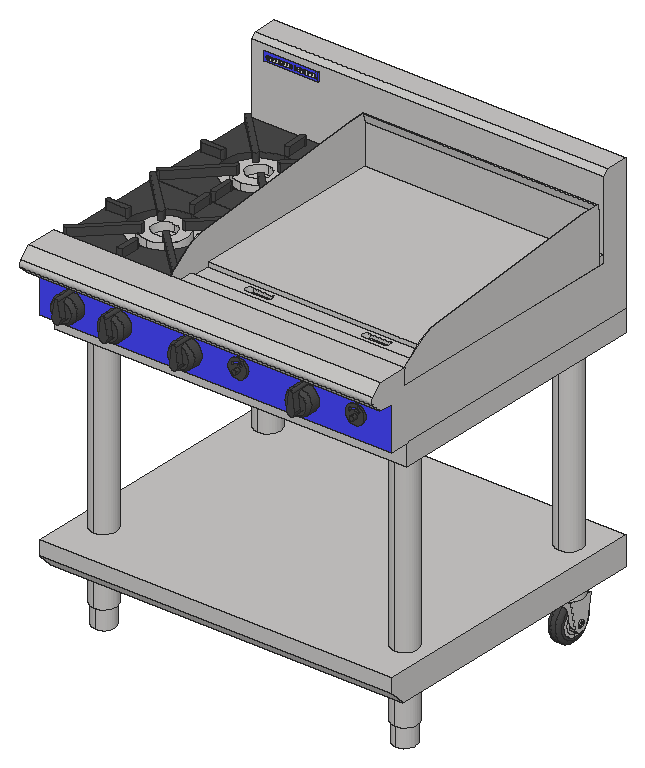
Revit family "QF_MOFFAT_BLUESEAL_CE_G516B-LS", category Specialty Equipment, Revit 2012
Parameters
  Width = 900 mm
  Weight in Pounds = 283  # constant formula
  URL Cutsheet = "www.moffat.com"
  URL = "www.moffat.com"
  Type Mark [instance] = ""
  Status [instance] = ""
  Specification by User [instance] = ""
  Specification by Manufacturer = ""
  Show Logo [instance] = yes
  Show Casters [instance] = yes
  Serial Number = ""
  Seismic Rating = ""
  SMACNA No = ""
  Revision Code [instance] = ""
  Omniclass Number and Title = ""
  NAFEM Spec ID Number = ""
  Model = "G516B-LS"
  Mechanical Remarks = ""
  Mechanical Connection Type = ""
  Masterspec = ""
  Manufacturer = "MOFFAT BLUESEAL"
  Legs [instance] = not(Show Casters)  # no
  Item Number [instance] = ""
  Installed By [instance] = ""
  Identify Quantity as Lot [instance] = yes
  Gas Size = 3/4"
  Gas RI Height = 0 mm
  Gas KW = 26
  Gas Input = 89000.0 Btu/h
  Gas Connection Height = 0 mm
  Furnished By [instance] = ""
  Foodservice Equipment Identifier [instance] = yes
  Description = "900MM GAS COOK TOP ON LEG STAND"
  Depth = 812 mm
  CSI MasterFormat = ""
  CSI Master Format = ""
  Base Height [instance] = 150 mm
Reference planes
  plane 1 "BACK": y = 0
  plane 2: z = 0
  plane 3 "LEFT": x = 0
  plane 4 "RIGHT": x = 900
  plane 5 "FRONT": y = -812
  plane 6 "TOP": z = 970
  plane 7 "Center Y": x = 450
  plane 8 "Center X": y = -406
  plane 9 "Base Height": z = 150
  plane 10: z = 915
  plane 11: x = 770
  plane 12: z = 1085
  plane 13: x = 65.354
  plane 14: y = -625
  plane 15: y = -100
  plane 16: x = 834.646
  plane 17: z = 655
Forms (mm)
  Extrusion 1, solid, material "QF_Finishes_Stainless Steel"
    sketch origin (0, 0, 0) x (0, 1, 0) y (0, 0, 1)
      loop
        line (-749, 850) -> (-749, 740) -> (0, 740) -> (0, 1085) -> (-57.5, 1085) -> (-70, 1072.5) -> (-70, 875) -> (-705, 875) -> (-705, 915) -> (-783.97, 915) -> (-808.485, 890.485)
        arc (-808.485, 890.485) -> (-811.999, 882) -> (-808.485, 873.515) r 12
        line (-808.485, 873.515) -> (-784.97, 850) -> (-749, 850)
      loop
        line (0, 685) -> (0, 739.5) -> (-699, 739.5) -> (-699, 685) -> (0, 685)
      loop
        line (0, 222.5) -> (-749, 222.5) -> (-749, 186) -> (-713, 150) -> (0, 150) -> (0, 222.5)
    from 0 to 900
  Revolve 2, solid, material "QF_Finishes_Black"
    sketch origin (90, 7, 600) x (0, 1, 0) y (0, 0, -1)
      loop
        line (-789, -229.5) -> (-766, -229.5) -> (-766, -202) -> (-756, -202) -> (-756, -197) -> (-800, -197) -> (-800, -223.651) -> (-789, -229.5)
      axis (-800, -197) -> (-756, -197)
    angle from 0 to 360
  Extrusion 3, solid, material "QF_Finishes_Black"
    sketch origin (90, -759, 797) x (0, 0, 1) y (1, 0, 0)
      loop
        arc (32.192, -4.965) -> (37.079, 0.034) -> (32.192, 5.033) r 5
        line (32.192, 5.033) -> (-10.726, 10.453)
        arc (-10.726, 10.453) -> (-22.392, 0.618) -> (-11.893, -10.454) r 10.487
        line (-11.893, -10.454) -> (32.192, -4.965)
    from 0 to -49
  Extrusion 4, solid, material "QF_Finishes_Stainless Steel"
    sketch origin (0, 0, 222.5) x (0, -1, 0) y (1, 0, 0)
      loop
        circle (100, 65) r 31.75
      loop
        circle (625, 65) r 31.75
      loop
        circle (100, 835) r 31.75
      loop
        circle (625, 835) r 31.75
    from 0 to 462.5
  Revolve 5, solid, material "QF_Finishes_Stainless Steel", visible <- "Legs"
    sketch origin (65.5, -166, 0) x (0, 1, 0) y (0, 0, 1)
      loop
        line (34.25, 150) -> (34.25, 50) -> (38.5, 50) -> (38.5, 0) -> (66, 0) -> (66, 150) -> (34.25, 150)
      axis (66, 150) -> (66, 0)
    angle from 0 to 360
  Revolve 6, solid, material "QF_Finishes_Stainless Steel"
    sketch origin (65.5, -735, 0) x (0, 1, 0) y (0, 0, 1)
      loop
        line (78.25, 150) -> (78.25, 50) -> (82.5, 50) -> (82.5, 0) -> (110, 0) -> (110, 150) -> (78.25, 150)
      axis (110, 150) -> (110, 0)
    angle from 0 to 360
  Revolve 7, solid, material "QF_Finishes_Stainless Steel", visible <- "Legs"
    sketch origin (834.646, -166, -0.354) x (0, 1, 0) y (0, 0, -1)
      loop
        line (34.25, -150) -> (66, -150) -> (66, -0.354) -> (38.5, -0.354) -> (38.5, -50) -> (34.25, -50) -> (34.25, -150)
      axis (66, -150) -> (66, -0.354)
    angle from 0 to 360
  Revolve 8, solid, material "QF_Finishes_Stainless Steel"
    sketch origin (834.646, -728, -0.354) x (0, 1, 0) y (0, 0, -1)
      loop
        line (71.25, -150) -> (103, -150) -> (103, -0.354) -> (75.5, -0.354) -> (75.5, -50) -> (71.25, -50) -> (71.25, -150)
      axis (103, -150) -> (103, -0.354)
    angle from 0 to 360
  Revolve 9, solid, material "QF_Finishes_Stainless Steel", visible <- "Show Casters"
    sketch origin (16.276, -100.755, -12.8) x (1, 0, 0) y (0, 0, 1)
      loop
        line (14.841, 63.604) -> (83.584, 63.604) -> (83.584, 67.109) -> (82.314, 68.379) -> (80.79, 68.379) -> (80.79, 71.826) -> (68.644, 71.826) -> (68.644, 81.79) -> (65.088, 83.843) -> (63.738, 92.179) -> (65.881, 92.179) -> (65.881, 98.529) -> (65.088, 98.529) -> (65.088, 104.879)
        arc (65.088, 104.879) -> (62.298, 111.614) -> (55.563, 114.404) r 9.525
        line (55.563, 114.404) -> (42.863, 114.404)
        arc (42.863, 114.404) -> (36.127, 111.614) -> (33.338, 104.879) r 9.525
        line (33.338, 104.879) -> (33.338, 98.529) -> (32.544, 98.529) -> (32.544, 92.179) -> (34.687, 92.179) -> (33.352, 83.932) -> (29.782, 81.871) -> (29.782, 71.826) -> (17.635, 71.826) -> (17.635, 68.379) -> (16.111, 68.379) -> (14.841, 67.109) -> (14.841, 63.604)
      axis (14.841, 63.604) -> (83.584, 63.604)
    angle from 0 to 360
  Extrusion 10, solid, material "QF_Finishes_Stainless Steel", visible <- "Show Casters"
    sketch origin (72.001, 132.353, -8.783) x (0, 1, 0) y (0, 0, 1)
      loop
        line (-200.603, 118.783) -> (-264.103, 118.783) -> (-251.746, 53.895)
        arc (-251.746, 53.895) -> (-232.353, 38.783) -> (-212.959, 53.895) r 20
        line (-212.959, 53.895) -> (-200.603, 118.783)
    from -35.667 to 22.923
  Revolve 11, solid, material "QF_Finishes_Stainless Steel", visible <- "Show Casters"
    sketch origin (65.5, -204, 0) x (0, 1, 0) y (0, 0, 1)
      loop
        line (68.25, 150) -> (68.25, 110) -> (104, 110) -> (104, 150) -> (68.25, 150)
      axis (104, 150) -> (104, 110)
    angle from 0 to 360
  Revolve 12, solid, material "QF_Finishes_Stainless Steel", visible <- "Legs"
    sketch origin (65.5, -166, 0) x (0, 1, 0) y (0, 0, 1)
      loop
        line (34.25, 150) -> (34.25, 50) -> (38.5, 50) -> (38.5, 0) -> (66, 0) -> (66, 150) -> (34.25, 150)
      axis (66, 150) -> (66, 0)
    angle from 0 to 360
  Revolve 13, solid, material "QF_Finishes_Stainless Steel", visible <- "Show Casters"
    sketch origin (485.423, -100.755, -12.798) x (1, 0, 0) y (0, 0, 1)
      loop
        line (314.841, 63.604) -> (383.584, 63.604) -> (383.584, 67.109) -> (382.314, 68.379) -> (380.79, 68.379) -> (380.79, 71.826) -> (368.644, 71.826) -> (368.644, 81.79) -> (365.088, 83.843) -> (363.738, 92.179) -> (365.881, 92.179) -> (365.881, 98.529) -> (365.088, 98.529) -> (365.088, 104.879)
        arc (365.088, 104.879) -> (362.298, 111.614) -> (355.563, 114.404) r 9.525
        line (355.563, 114.404) -> (342.863, 114.404)
        arc (342.863, 114.404) -> (336.127, 111.614) -> (333.338, 104.879) r 9.525
        line (333.338, 104.879) -> (333.338, 98.529) -> (332.544, 98.529) -> (332.544, 92.179) -> (334.687, 92.179) -> (333.352, 83.932) -> (329.782, 81.871) -> (329.782, 71.826) -> (317.635, 71.826) -> (317.635, 68.379) -> (316.111, 68.379) -> (314.841, 67.109) -> (314.841, 63.604)
      axis (314.841, 63.604) -> (383.584, 63.604)
    angle from 0 to 360
  Extrusion 14, solid, material "QF_Finishes_Stainless Steel", visible <- "Show Casters"
    sketch origin (841.147, 132.353, -9.137) x (0, 1, 0) y (0, 0, 1)
      loop
        line (-200.603, 118.783) -> (-264.103, 118.783) -> (-251.746, 53.895)
        arc (-251.746, 53.895) -> (-232.353, 38.783) -> (-212.959, 53.895) r 20
        line (-212.959, 53.895) -> (-200.603, 118.783)
    from -35.667 to 22.923
  Revolve 15, solid, material "QF_Finishes_Stainless Steel", visible <- "Show Casters"
    sketch origin (834.646, -204, -0.354) x (0, 1, 0) y (0, 0, 1)
      loop
        line (68.25, 150) -> (68.25, 110) -> (104, 110) -> (104, 150) -> (68.25, 150)
      axis (104, 150) -> (104, 110)
    angle from 0 to 360
  Extrusion 16, solid, material "QF_Finishes_Stainless Steel"
    sketch origin (0, 0, 685) x (-1, 0, 0) y (0, 1, 0)
      loop
        circle (-770, -32) r 6.35
    from 0 to 30
  Revolve 17, solid, material "QF_Finishes_Black"
    sketch origin (390, 7, 600) x (0, 1, 0) y (0, 0, -1)
      loop
        line (-789, -229.5) -> (-766, -229.5) -> (-766, -202) -> (-756, -202) -> (-756, -197) -> (-800, -197) -> (-800, -223.651) -> (-789, -229.5)
      axis (-800, -197) -> (-756, -197)
    angle from 0 to 360
  Extrusion 18, solid, material "QF_Finishes_Black"
    sketch origin (390, -759, 797) x (0, 0, 1) y (1, 0, 0)
      loop
        arc (32.192, -4.965) -> (37.079, 0.034) -> (32.192, 5.033) r 5
        line (32.192, 5.033) -> (-10.726, 10.453)
        arc (-10.726, 10.453) -> (-22.392, 0.618) -> (-11.893, -10.454) r 10.487
        line (-11.893, -10.454) -> (32.192, -4.965)
    from 0 to -49
  Revolve 19, solid, material "QF_Finishes_Black"
    sketch origin (690, 7, 600) x (0, 1, 0) y (0, 0, -1)
      loop
        line (-789, -229.5) -> (-766, -229.5) -> (-766, -202) -> (-756, -202) -> (-756, -197) -> (-800, -197) -> (-800, -223.651) -> (-789, -229.5)
      axis (-800, -197) -> (-756, -197)
    angle from 0 to 360
  Extrusion 20, solid, material "QF_Finishes_Black"
    sketch origin (690, -759, 797) x (0, 0, 1) y (1, 0, 0)
      loop
        arc (32.192, -4.965) -> (37.079, 0.034) -> (32.192, 5.033) r 5
        line (32.192, 5.033) -> (-10.726, 10.453)
        arc (-10.726, 10.453) -> (-22.392, 0.618) -> (-11.893, -10.454) r 10.487
        line (-11.893, -10.454) -> (32.192, -4.965)
    from 0 to -49
  Extrusion 21, solid, material "QF_Finishes_Black"
    sketch origin (0, -749, 850) x (0, 0, -1) y (1, 0, 0)
      loop
        circle (53, 510) r 23.9
      loop
        circle (53, 810) r 23.9
      loop
        arc (45.641, 518.419) -> (46.501, 523.219) -> (41.701, 524.079) r 3.448
        arc (41.701, 524.079) -> (35.116, 509.341) -> (42.919, 495.209) r 18.095
        arc (42.919, 495.209) -> (47.641, 496.491) -> (46.326, 501.204) r 3.448
        arc (46.326, 501.204) -> (42.758, 509.683) -> (45.641, 518.419) r 13.109
      loop
        arc (45.641, 818.419) -> (46.501, 823.219) -> (41.701, 824.079) r 3.448
        arc (41.701, 824.079) -> (35.116, 809.341) -> (42.919, 795.209) r 18.095
        arc (42.919, 795.209) -> (47.641, 796.491) -> (46.326, 801.204) r 3.448
        arc (46.326, 801.204) -> (42.758, 809.683) -> (45.641, 818.419) r 13.109
    from 0 to 5
  Extrusion 22, solid, material "QF_Finishes_Black"
    sketch origin (0, -754, 850) x (0, 0, -1) y (1, 0, 0)
      loop
        circle (56.5, 810) r 5.75
      loop
        circle (56.5, 510) r 5.75
    from 0 to 10
  Revolve 23, solid, material "QF_Finishes_Black"
    sketch origin (210, 7, 600) x (0, 1, 0) y (0, 0, -1)
      loop
        line (-789, -229.5) -> (-766, -229.5) -> (-766, -202) -> (-756, -202) -> (-756, -197) -> (-800, -197) -> (-800, -223.651) -> (-789, -229.5)
      axis (-800, -197) -> (-756, -197)
    angle from 0 to 360
  Extrusion 24, solid, material "QF_Finishes_Black"
    sketch origin (210, -759, 797) x (0, 0, 1) y (1, 0, 0)
      loop
        arc (32.192, -4.965) -> (37.079, 0.034) -> (32.192, 5.033) r 5
        line (32.192, 5.033) -> (-10.726, 10.453)
        arc (-10.726, 10.453) -> (-22.392, 0.618) -> (-11.893, -10.454) r 10.487
        line (-11.893, -10.454) -> (32.192, -4.965)
    from 0 to -49
Lines and regions (mm)
  Split face 1
    outline origin (0, -56.5, 1085) x (0, 1, 0) y (-1, 0, 0)
      loop
        line (11.115, -338.041) -> (11.115, -566)
        arc (11.115, -566) -> (16.115, -574.66) -> (26.115, -574.66) r 10
        line (26.115, -574.66) -> (33.115, -570.619)
        arc (33.115, -570.619) -> (36.775, -566.959) -> (38.115, -561.959) r 10
        line (38.115, -561.959) -> (38.115, -334)
        arc (38.115, -334) -> (33.115, -325.34) -> (23.115, -325.34) r 10
        line (23.115, -325.34) -> (16.115, -329.381)
        arc (16.115, -329.381) -> (12.455, -333.041) -> (11.115, -338.041) r 10
  Split face 2
    outline origin (0, -56.5, 1085) x (0, 1, 0) y (-1, 0, 0)
      loop
        line (38.115, -851.959) -> (38.115, -624)
        arc (38.115, -624) -> (33.115, -615.34) -> (23.115, -615.34) r 10
        line (23.115, -615.34) -> (16.115, -619.381)
        arc (16.115, -619.381) -> (12.455, -623.041) -> (11.115, -628.041) r 10
        line (11.115, -628.041) -> (11.115, -856)
        arc (11.115, -856) -> (16.115, -864.66) -> (26.115, -864.66) r 10
        line (26.115, -864.66) -> (33.115, -860.619)
        arc (33.115, -860.619) -> (36.775, -856.959) -> (38.115, -851.959) r 10
  Split face 3
    outline origin (0, -56.5, 1085) x (0, 1, 0) y (-1, 0, 0)
      loop
        line (11.115, -48.041) -> (11.115, -276)
        arc (11.115, -276) -> (16.115, -284.66) -> (26.115, -284.66) r 10
        line (26.115, -284.66) -> (33.115, -280.619)
        arc (33.115, -280.619) -> (36.775, -276.959) -> (38.115, -271.959) r 10
        line (38.115, -271.959) -> (38.115, -44)
        arc (38.115, -44) -> (33.115, -35.34) -> (23.115, -35.34) r 10
        line (23.115, -35.34) -> (16.115, -39.381)
        arc (16.115, -39.381) -> (12.455, -43.041) -> (11.115, -48.041) r 10
  symbolic lines, style "SpecialityEquipmentHiddenLines", visible <- "Show Casters"
    curve 1: line (78.456, -46.735, 0) -> (105.952, -62.61, 0)
    curve 2: line (27.656, -134.723, 0) -> (78.456, -46.735, 0)
    curve 3: line (55.152, -150.598, 0) -> (27.656, -134.723, 0)
    curve 4: line (105.952, -62.61, 0) -> (55.152, -150.598, 0)
    curve 5: line (848.456, -46.735, 0) -> (875.952, -62.61, 0)
    curve 6: line (797.656, -134.723, 0) -> (848.456, -46.735, 0)
    curve 7: line (825.152, -150.598, 0) -> (797.656, -134.723, 0)
    curve 8: line (875.952, -62.61, 0) -> (825.152, -150.598, 0)
  symbolic lines
    curve 9: line (0, -783.97, 0) -> (900, -783.97, 0)
    curve 10: line (0, 0, 0) -> (0, -811.999, 0)
    curve 11: line (900, -811.999, 0) -> (900, 0, 0)
    curve 12: line (900, -811.999, 0) -> (0, -811.999, 0)
    curve 13: line (0, -70, 0) -> (900, -70, 0)
    curve 14: line (0, -57.5, 0) -> (900, -57.5, 0)
    curve 15: line (900, 0, 0) -> (0, 0, 0)
    curve 16: line (561.959, -18.385, 0) -> (334, -18.385, 0)
    curve 17: arc (334, -18.385, 0) -> (325.34, -23.385, 0) -> (325.34, -33.385, 0) r 10
    curve 18: line (325.34, -33.385, 0) -> (329.381, -40.385, 0)
    curve 19: arc (329.381, -40.385, 0) -> (333.041, -44.045, 0) -> (338.041, -45.385, 0) r 10
    curve 20: line (338.041, -45.385, 0) -> (566, -45.385, 0)
    curve 21: arc (566, -45.385, 0) -> (574.66, -40.385, 0) -> (574.66, -30.385, 0) r 10
    curve 22: line (574.66, -30.385, 0) -> (570.619, -23.385, 0)
    curve 23: arc (570.619, -23.385, 0) -> (566.959, -19.725, 0) -> (561.959, -18.385, 0) r 10
    curve 24: line (851.959, -18.385, 0) -> (624, -18.385, 0)
    curve 25: arc (624, -18.385, 0) -> (615.34, -23.385, 0) -> (615.34, -33.385, 0) r 10
    curve 26: line (615.34, -33.385, 0) -> (619.381, -40.385, 0)
    curve 27: arc (619.381, -40.385, 0) -> (623.041, -44.045, 0) -> (628.041, -45.385, 0) r 10
    curve 28: line (628.041, -45.385, 0) -> (856, -45.385, 0)
    curve 29: arc (856, -45.385, 0) -> (864.66, -40.385, 0) -> (864.66, -30.385, 0) r 10
    curve 30: line (864.66, -30.385, 0) -> (860.619, -23.385, 0)
    curve 31: arc (860.619, -23.385, 0) -> (856.959, -19.725, 0) -> (851.959, -18.385, 0) r 10
    curve 32: line (271.959, -18.385, 0) -> (44, -18.385, 0)
    curve 33: arc (44, -18.385, 0) -> (35.34, -23.385, 0) -> (35.34, -33.385, 0) r 10
    curve 34: line (35.34, -33.385, 0) -> (39.381, -40.385, 0)
    curve 35: arc (39.381, -40.385, 0) -> (43.041, -44.045, 0) -> (48.041, -45.385, 0) r 10
    curve 36: line (48.041, -45.385, 0) -> (276, -45.385, 0)
    curve 37: arc (276, -45.385, 0) -> (284.66, -40.385, 0) -> (284.66, -30.385, 0) r 10
    curve 38: line (284.66, -30.385, 0) -> (280.619, -23.385, 0)
    curve 39: arc (280.619, -23.385, 0) -> (276.959, -19.725, 0) -> (271.959, -18.385, 0) r 10
    curve 40: line (0, -705, 0) -> (900, -705, 0)
Dimensions and locks
  equal spacing: plane 3 "LEFT", plane 7 "Center Y", plane 4 "RIGHT"
  "Width": plane 3 "LEFT" to plane 4 "RIGHT"
  equal spacing: plane 5 "FRONT", plane 8 "Center X", plane 1 "BACK"
  "Depth": plane 5 "FRONT" to plane 1 "BACK"
  equal spacing: plane 4 "RIGHT", plane 7 "Center Y", plane 3 "LEFT"
  plane 4 "RIGHT" to plane 3 "LEFT" = 900 mm
  plane 5 "FRONT" to plane 1 "BACK" = 812 mm
  "Base Height": plane 9 "Base Height" to level
  plane 6 "TOP" to level = 970 mm
  plane 10 to level = 915 mm
  plane 11 to plane 4 "RIGHT" = 130 mm
  plane 12 to plane 2 = 1085 mm
  Revolve 9 sketch curve to Revolve 9 sketch curve = 50.8 mm
  Revolve 13 sketch curve to Revolve 13 sketch curve = 50.8 mm
  plane 15 to plane 14 = 525 mm
  plane 17 to plane 2 = 655 mm
  Extrusion 16 sketch curve to plane 1 "BACK" = 32 mm
  aligned and locked: level to plane 2
Automatic sketch dimensions
  plane 1 "BACK" to curve 15 = 0 mm
  curve 15 to plane 3 "LEFT" = 0 mm
  curve 11 to plane 4 "RIGHT" = 0 mm
  plane 3 "LEFT" to curve 2 = 27.656 mm
  plane 13 to curve 34 = 30.014 mm
  curve 34 to curve 34 = 4.041 mm
  curve 33 to curve 33 = 8.66 mm
  curve 34 to curve 35 = 8.66 mm
  plane 13 to curve 3 = 10.202 mm
  curve 1 to plane 13 = 13.102 mm
  plane 1 "BACK" to curve 39 = 18.385 mm
  curve 1 to curve 39 = 166.007 mm
  curve 39 to curve 37 = 4.041 mm
  curve 32 to curve 39 = 8.66 mm
  plane 1 "BACK" to curve 38 = 30.385 mm
  curve 38 to curve 38 = 4.041 mm
  plane 1 "BACK" to curve 18 = 33.385 mm
  curve 38 to curve 18 = 40.679 mm
  curve 17 to curve 19 = 4.041 mm  (x2)
  curve 17 to curve 16 = 8.66 mm
  plane 1 "BACK" to curve 23 = 28.385 mm
  plane 7 "Center Y" to curve 23 = 111.959 mm
  curve 23 to curve 20 = 4.041 mm
  curve 16 to curve 23 = 8.66 mm
  curve 23 to curve 21 = 4.041 mm
  plane 1 "BACK" to curve 26 = 33.385 mm
  curve 22 to curve 26 = 40.679 mm
  curve 26 to curve 27 = 4.041 mm
  curve 25 to curve 24 = 8.66 mm
  curve 26 to curve 27 = 8.66 mm
  plane 11 to curve 6 = 27.656 mm
  curve 8 to plane 16 = 9.494 mm
  plane 16 to curve 6 = 13.809 mm
  plane 16 to curve 24 = 17.312 mm
  curve 5 to curve 28 = 7.544 mm
  curve 31 to curve 31 = 8.66 mm
  curve 31 to curve 29 = 4.041 mm
  curve 33 to curve 32 = 15 mm
  curve 27 to curve 25 = 2 mm
  curve 37 to curve 37 = 5 mm
  curve 35 to curve 33 = 7 mm
  plane 1 "BACK" to curve 29 = 35.385 mm
  curve 21 to curve 23 = 7 mm
  curve 19 to curve 17 = 2 mm
  curve 27 to curve 26 = 7 mm
  curve 18 to curve 17 = 7 mm
  curve 1 to curve 36 = 1.35 mm
  curve 6 to curve 28 = 1.35 mm
  curve 14 to plane 15 = 42.5 mm
  curve 5 to curve 14 = 5.11 mm
  curve 4 to curve 1 = 15.875 mm
  curve 13 to curve 14 = 12.5 mm
  plane 14 to curve 40 = 80 mm
  curve 9 to plane 5 "FRONT" = 28.03 mm
  curve 12 to plane 5 "FRONT" = 0.001 mm
  curve 27 to curve 25 = 7 mm
  curve 19 to curve 17 = 7 mm
  curve 29 to curve 31 = 7 mm
  curve 37 to curve 39 = 7 mm
  plane 10 to Extrusion 1 sketch curve = 0 mm
  Extrusion 1 sketch curve to plane 9 "Base Height" = 0 mm
  plane 12 to Extrusion 1 sketch curve = 0 mm
  Extrusion 1 sketch curve to plane 1 "BACK" = 0 mm  (x3)
  Extrusion 1 sketch curve to plane 15 = 42.5 mm
  plane 12 to Extrusion 1 sketch curve = 12.5 mm
  Extrusion 1 sketch curve to Extrusion 1 sketch curve = 12.5 mm
  plane 17 to Extrusion 1 sketch curve = 30 mm
  plane 14 to Extrusion 1 sketch curve = 74 mm
  plane 14 to Extrusion 1 sketch curve = 80 mm
  plane 14 to Extrusion 1 sketch curve = 88 mm
  Extrusion 1 sketch curve to Extrusion 1 sketch curve = 44 mm
  Extrusion 1 sketch curve to Extrusion 1 sketch curve = 36 mm
  Extrusion 1 sketch curve to plane 5 "FRONT" = 28.03 mm
  Extrusion 1 sketch curve to plane 5 "FRONT" = 27.03 mm
  Extrusion 1 sketch curve to plane 5 "FRONT" = 12.001 mm
  Extrusion 1 sketch curve to plane 5 "FRONT" = 3.515 mm  (x2)
  plane 9 "Base Height" to Extrusion 1 sketch curve = 36 mm
  plane 9 "Base Height" to Extrusion 1 sketch curve = 72.5 mm
  Extrusion 1 sketch curve to Extrusion 1 sketch curve = 54.5 mm
  Extrusion 1 sketch curve to Extrusion 1 sketch curve = 0.5 mm
  plane 10 to Extrusion 1 sketch curve = 65 mm
  Extrusion 1 sketch curve to Extrusion 1 sketch curve = 23.515 mm
  plane 10 to Extrusion 1 sketch curve = 40 mm
  Extrusion 1 sketch curve to Extrusion 1 sketch curve = 8.485 mm
  Revolve 2 sketch curve to plane 5 "FRONT" = 19 mm
  Revolve 2 sketch curve to Revolve 2 sketch curve = 0 mm  (x2)
  Revolve 2 sketch curve to Revolve 2 sketch curve = 11 mm
  Revolve 2 sketch curve to Revolve 2 sketch curve = 12.7 mm
  Revolve 2 sketch curve to Revolve 2 sketch curve = 23 mm
  Revolve 2 sketch curve to Revolve 2 sketch curve = 10 mm
  plane 10 to Revolve 2 sketch curve = 85.5 mm
  Revolve 2 sketch curve to Revolve 2 sketch curve = 5.849 mm
  Revolve 2 sketch curve to Revolve 2 sketch curve = 27.5 mm
  Revolve 2 sketch curve to Revolve 2 sketch curve = 5 mm
  Extrusion 3 sketch curve to Revolve 2 = 0.034 mm  (x2)
  Revolve 2 to Extrusion 3 sketch curve = 10.454 mm
  Extrusion 3 sketch curve to Extrusion 3 sketch curve = 0.028 mm
  Extrusion 3 sketch curve to Revolve 2 = 10.453 mm
  Extrusion 3 sketch curve to Extrusion 3 sketch curve = 44 mm
  Extrusion 3 sketch curve to Revolve 2 = 5.033 mm
  Extrusion 3 sketch curve to Extrusion 3 sketch curve = 0.113 mm
  Revolve 2 to Extrusion 3 sketch curve = 4.965 mm
  Extrusion 4 sketch curve to Extrusion 4 sketch curve = 0 mm  (x8)
  Extrusion 1 to Extrusion 4 sketch curve = 68.25 mm  (x2)
  Extrusion 4 sketch curve to Extrusion 4 sketch curve = 31.75 mm  (x4)
  Extrusion 4 sketch curve to Extrusion 1 = 155.75 mm  (x2)
  Extrusion 1 to Extrusion 4 sketch curve = 65 mm  (x4)
  Revolve 5 sketch curve to plane 9 "Base Height" = 0 mm
  Revolve 5 sketch curve to level = 0 mm
  Revolve 5 sketch curve to plane 15 = 0 mm  (x2)
  plane 15 to Revolve 5 sketch curve = 27.5 mm
  plane 15 to Revolve 5 sketch curve = 31.75 mm
  Revolve 5 sketch curve to Revolve 5 sketch curve = 55 mm
  level to Revolve 5 sketch curve = 50 mm
  Revolve 5 sketch curve to Revolve 5 sketch curve = 0 mm
  Revolve 6 sketch curve to plane 9 "Base Height" = 0 mm
  Revolve 6 sketch curve to level = 0 mm
  Revolve 6 sketch curve to plane 14 = 0 mm  (x2)
  Revolve 6 sketch curve to Revolve 6 sketch curve = 27.5 mm
  Revolve 6 sketch curve to Revolve 6 sketch curve = 31.75 mm
  Revolve 6 sketch curve to Revolve 6 sketch curve = 55 mm
  level to Revolve 6 sketch curve = 50 mm
  Revolve 6 sketch curve to Revolve 6 sketch curve = 0 mm
  Revolve 7 sketch curve to level = 0 mm
  Revolve 7 sketch curve to plane 15 = 0 mm  (x2)
  plane 15 to Revolve 7 sketch curve = 27.5 mm
  Revolve 7 sketch curve to plane 9 "Base Height" = 0.354 mm
  plane 15 to Revolve 7 sketch curve = 31.75 mm
  level to Revolve 7 sketch curve = 49.646 mm
  Revolve 7 sketch curve to Revolve 7 sketch curve = 0 mm
  Revolve 7 sketch curve to level = 55.354 mm
  Revolve 8 sketch curve to level = 0 mm
  Revolve 8 sketch curve to plane 14 = 0 mm  (x2)
  Revolve 8 sketch curve to Revolve 8 sketch curve = 27.5 mm
  Revolve 8 sketch curve to plane 9 "Base Height" = 0.354 mm
  plane 14 to Revolve 8 sketch curve = 31.75 mm
  level to Revolve 8 sketch curve = 49.646 mm
  Revolve 8 sketch curve to Revolve 8 sketch curve = 0 mm
  Revolve 8 sketch curve to Revolve 8 sketch curve = 55.354 mm
  plane 3 "LEFT" to Revolve 9 sketch curve = 31.118 mm
  Revolve 9 sketch curve to Revolve 9 sketch curve = 1.27 mm  (x4)
  Revolve 9 sketch curve to Revolve 9 sketch curve = 1.524 mm  (x2)
  Revolve 9 sketch curve to Revolve 9 sketch curve = 12.146 mm  (x2)
  plane 13 to Revolve 9 sketch curve = 16.533 mm
  Revolve 9 sketch curve to Revolve 9 sketch curve = 0.794 mm  (x2)
  Revolve 9 sketch curve to Revolve 9 sketch curve = 3.57 mm
  Revolve 9 sketch curve to Revolve 9 sketch curve = 2.143 mm
  plane 13 to Revolve 9 sketch curve = 6.215 mm
  Revolve 9 sketch curve to plane 13 = 5.276 mm
  Revolve 9 sketch curve to plane 13 = 6.485 mm
  Revolve 9 sketch curve to plane 13 = 14.661 mm
  Revolve 9 sketch curve to Revolve 9 sketch curve = 1.349 mm  (x2)
  Revolve 9 sketch curve to Revolve 9 sketch curve = 3.556 mm
  Revolve 9 sketch curve to Revolve 9 sketch curve = 33.32 mm
  level to Revolve 9 sketch curve = 50.804 mm
  Revolve 9 sketch curve to Revolve 9 sketch curve = 0 mm
  Revolve 9 sketch curve to Revolve 9 sketch curve = 3.505 mm  (x2)
  Revolve 9 sketch curve to Revolve 9 sketch curve = 3.447 mm  (x2)
  Revolve 9 sketch curve to Revolve 9 sketch curve = 9.964 mm
  Revolve 9 sketch curve to Revolve 9 sketch curve = 10.045 mm
  Revolve 9 sketch curve to Revolve 9 sketch curve = 2.053 mm
  Revolve 9 sketch curve to Revolve 9 sketch curve = 2.061 mm
  Revolve 9 sketch curve to Revolve 9 sketch curve = 8.247 mm
  Revolve 9 sketch curve to Revolve 9 sketch curve = 8.336 mm
  Revolve 9 sketch curve to Revolve 9 sketch curve = 6.35 mm  (x2)
  Extrusion 10 sketch curve to plane 15 = 0 mm
  plane 15 to Extrusion 10 sketch curve = 19.393 mm
  plane 15 to Extrusion 10 sketch curve = 31.75 mm
  Extrusion 10 sketch curve to plane 15 = 19.393 mm
  Extrusion 10 sketch curve to plane 15 = 31.75 mm
  level to Extrusion 10 sketch curve = 45.111 mm
  Extrusion 10 sketch curve to Extrusion 10 sketch curve = 4.889 mm
  Extrusion 10 sketch curve to plane 9 "Base Height" = 40 mm
  Revolve 11 sketch curve to plane 9 "Base Height" = 0 mm
  Revolve 11 sketch curve to plane 15 = 0 mm  (x2)
  plane 15 to Revolve 11 sketch curve = 35.75 mm
  Revolve 11 sketch curve to Revolve 11 sketch curve = 40 mm
  level to Revolve 11 sketch curve = 50 mm
  Revolve 11 sketch curve to level = 55 mm
  Revolve 12 sketch curve to plane 9 "Base Height" = 0 mm
  Revolve 12 sketch curve to level = 0 mm
  Revolve 12 sketch curve to plane 15 = 0 mm  (x2)
  plane 15 to Revolve 12 sketch curve = 27.5 mm
  plane 15 to Revolve 12 sketch curve = 31.75 mm
  Revolve 12 sketch curve to Revolve 12 sketch curve = 55 mm
  level to Revolve 12 sketch curve = 50 mm
  Revolve 12 sketch curve to Revolve 12 sketch curve = 0 mm
  plane 11 to Revolve 13 sketch curve = 30.264 mm
  Revolve 13 sketch curve to Revolve 13 sketch curve = 1.27 mm  (x4)
  Revolve 13 sketch curve to Revolve 13 sketch curve = 1.524 mm  (x2)
  Revolve 13 sketch curve to Revolve 13 sketch curve = 12.146 mm  (x2)
  Revolve 13 sketch curve to plane 16 = 16.68 mm
  Revolve 13 sketch curve to Revolve 13 sketch curve = 0.794 mm  (x2)
  Revolve 13 sketch curve to Revolve 13 sketch curve = 3.57 mm
  Revolve 13 sketch curve to Revolve 13 sketch curve = 2.143 mm
  Revolve 13 sketch curve to plane 16 = 6.361 mm
  plane 16 to Revolve 13 sketch curve = 5.13 mm
  plane 16 to Revolve 13 sketch curve = 6.339 mm
  plane 16 to Revolve 13 sketch curve = 14.515 mm
  Revolve 13 sketch curve to Revolve 13 sketch curve = 1.349 mm  (x2)
  Revolve 13 sketch curve to Revolve 13 sketch curve = 3.556 mm
  Revolve 13 sketch curve to plane 4 "RIGHT" = 2.327 mm
  level to Revolve 13 sketch curve = 50.806 mm
  Revolve 13 sketch curve to Revolve 13 sketch curve = 0 mm
  Revolve 13 sketch curve to Revolve 13 sketch curve = 3.505 mm  (x2)
  Revolve 13 sketch curve to Revolve 13 sketch curve = 3.447 mm  (x2)
  Revolve 13 sketch curve to Revolve 13 sketch curve = 9.964 mm
  Revolve 13 sketch curve to Revolve 13 sketch curve = 10.045 mm
  Revolve 13 sketch curve to Revolve 13 sketch curve = 2.053 mm
  Revolve 13 sketch curve to Revolve 13 sketch curve = 2.061 mm
  Revolve 13 sketch curve to Revolve 13 sketch curve = 8.247 mm
  Revolve 13 sketch curve to Revolve 13 sketch curve = 8.336 mm
  Revolve 13 sketch curve to Revolve 13 sketch curve = 6.35 mm  (x2)
  Extrusion 14 sketch curve to plane 15 = 0 mm
  plane 15 to Extrusion 14 sketch curve = 19.393 mm
  plane 15 to Extrusion 14 sketch curve = 31.75 mm
  Extrusion 14 sketch curve to plane 15 = 19.393 mm
  Extrusion 14 sketch curve to plane 15 = 31.75 mm
  level to Extrusion 14 sketch curve = 44.758 mm
  Extrusion 14 sketch curve to Extrusion 14 sketch curve = 4.889 mm
  Extrusion 14 sketch curve to plane 9 "Base Height" = 40.354 mm
  Revolve 15 sketch curve to plane 15 = 0 mm  (x2)
  Revolve 15 sketch curve to plane 9 "Base Height" = 0.354 mm
  plane 15 to Revolve 15 sketch curve = 35.75 mm
  Revolve 15 sketch curve to Revolve 15 sketch curve = 40 mm
  level to Revolve 15 sketch curve = 49.646 mm
  Revolve 15 sketch curve to level = 55.354 mm
  Extrusion 16 sketch curve to Extrusion 16 sketch curve = 0 mm
  Extrusion 16 sketch curve to Extrusion 1 = 38.35 mm
  Extrusion 16 sketch curve to Extrusion 1 = 130 mm
  Split face 1 sketch curve to Extrusion 1 = 12.115 mm
  Split face 1 sketch curve to Split face 1 sketch curve = 5 mm  (x2)
  Split face 1 sketch curve to Split face 1 sketch curve = 10 mm  (x3)
  Split face 1 sketch curve to Split face 1 sketch curve = 7 mm  (x4)
  Split face 1 sketch curve to Extrusion 1 = 325.34 mm
  Split face 1 sketch curve to Split face 1 sketch curve = 4.041 mm  (x2)
  Split face 1 sketch curve to Split face 1 sketch curve = 223.917 mm
  Split face 2 sketch curve to Extrusion 1 = 12.115 mm
  Split face 2 sketch curve to Split face 2 sketch curve = 5 mm  (x2)
  Split face 2 sketch curve to Split face 2 sketch curve = 10 mm  (x3)
  Split face 2 sketch curve to Split face 2 sketch curve = 7 mm  (x4)
  Split face 2 sketch curve to Extrusion 1 = 35.34 mm
  Split face 2 sketch curve to Split face 2 sketch curve = 4.041 mm  (x2)
  Split face 2 sketch curve to Split face 2 sketch curve = 223.917 mm
  Split face 3 sketch curve to Extrusion 1 = 12.115 mm
  Split face 3 sketch curve to Split face 3 sketch curve = 5 mm  (x3)
  Split face 3 sketch curve to Split face 3 sketch curve = 10 mm  (x2)
  Split face 3 sketch curve to Split face 3 sketch curve = 7 mm  (x4)
  Split face 3 sketch curve to Extrusion 1 = 284.66 mm
  Split face 3 sketch curve to Split face 3 sketch curve = 4.041 mm  (x2)
  Split face 3 sketch curve to Extrusion 1 = 48.041 mm
  Revolve 17 sketch curve to plane 5 "FRONT" = 19 mm
  Revolve 17 sketch curve to Revolve 17 sketch curve = 0 mm  (x2)
  Revolve 17 sketch curve to Revolve 17 sketch curve = 11 mm
  Revolve 17 sketch curve to Revolve 17 sketch curve = 12.7 mm
  Revolve 17 sketch curve to Revolve 17 sketch curve = 23 mm
  Revolve 17 sketch curve to Revolve 17 sketch curve = 10 mm
  plane 10 to Revolve 17 sketch curve = 85.5 mm
  Revolve 17 sketch curve to Revolve 17 sketch curve = 5.849 mm
  Revolve 17 sketch curve to Revolve 17 sketch curve = 27.5 mm
  Revolve 17 sketch curve to Revolve 17 sketch curve = 5 mm
  Extrusion 18 sketch curve to Revolve 17 = 0.034 mm  (x2)
  Revolve 17 to Extrusion 18 sketch curve = 10.454 mm
  Extrusion 18 sketch curve to Extrusion 18 sketch curve = 0.028 mm
  Extrusion 18 sketch curve to Revolve 17 = 10.453 mm
  Extrusion 18 sketch curve to Extrusion 18 sketch curve = 44 mm
  Extrusion 18 sketch curve to Revolve 17 = 5.033 mm
  Extrusion 18 sketch curve to Extrusion 18 sketch curve = 0.113 mm
  Revolve 17 to Extrusion 18 sketch curve = 4.965 mm
  Revolve 19 sketch curve to plane 5 "FRONT" = 19 mm
  Revolve 19 sketch curve to Revolve 19 sketch curve = 0 mm  (x2)
  Revolve 19 sketch curve to Revolve 19 sketch curve = 11 mm
  Revolve 19 sketch curve to Revolve 19 sketch curve = 12.7 mm
  Revolve 19 sketch curve to Revolve 19 sketch curve = 23 mm
  Revolve 19 sketch curve to Revolve 19 sketch curve = 10 mm
  plane 10 to Revolve 19 sketch curve = 85.5 mm
  Revolve 19 sketch curve to Revolve 19 sketch curve = 5.849 mm
  Revolve 19 sketch curve to Revolve 19 sketch curve = 27.5 mm
  Revolve 19 sketch curve to Revolve 19 sketch curve = 5 mm
  Extrusion 20 sketch curve to Revolve 19 = 0.034 mm  (x2)
  Revolve 19 to Extrusion 20 sketch curve = 10.454 mm
  Extrusion 20 sketch curve to Extrusion 20 sketch curve = 0.028 mm
  Extrusion 20 sketch curve to Revolve 19 = 10.453 mm
  Extrusion 20 sketch curve to Extrusion 20 sketch curve = 44 mm
  Extrusion 20 sketch curve to Revolve 19 = 5.033 mm
  Extrusion 20 sketch curve to Extrusion 20 sketch curve = 0.113 mm
  Revolve 19 to Extrusion 20 sketch curve = 4.965 mm
  Extrusion 21 sketch curve to Extrusion 1 = 41.701 mm  (x2)
  Extrusion 21 sketch curve to Extrusion 21 sketch curve = 1.218 mm  (x2)
  Extrusion 21 sketch curve to Extrusion 21 sketch curve = 1.97 mm  (x4)
  Extrusion 21 sketch curve to Extrusion 21 sketch curve = 1.724 mm  (x2)
  Extrusion 21 sketch curve to Extrusion 21 sketch curve = 1.683 mm  (x2)
  Extrusion 21 sketch curve to Extrusion 21 sketch curve = 6.674 mm  (x2)
  Extrusion 21 sketch curve to Extrusion 21 sketch curve = 0.195 mm  (x2)
  Extrusion 21 sketch curve to Extrusion 21 sketch curve = 2.662 mm  (x2)
  Extrusion 1 to Extrusion 21 sketch curve = 404.791 mm
  Extrusion 21 sketch curve to Extrusion 21 sketch curve = 2.986 mm  (x2)
  Extrusion 21 sketch curve to Extrusion 21 sketch curve = 8.796 mm  (x2)
  Extrusion 21 sketch curve to Extrusion 21 sketch curve = 0.103 mm  (x2)
  Extrusion 21 sketch curve to Extrusion 21 sketch curve = 0.102 mm  (x2)
  Extrusion 1 to Extrusion 21 sketch curve = 104.791 mm
  Extrusion 22 sketch curve to Extrusion 22 sketch curve = 0 mm
  Extrusion 22 sketch curve to Extrusion 22 sketch curve = 300 mm
  Revolve 23 sketch curve to plane 5 "FRONT" = 19 mm
  Revolve 23 sketch curve to Revolve 23 sketch curve = 0 mm  (x2)
  Revolve 23 sketch curve to Revolve 23 sketch curve = 11 mm
  Revolve 23 sketch curve to Revolve 23 sketch curve = 12.7 mm
  Revolve 23 sketch curve to Revolve 23 sketch curve = 23 mm
  Revolve 23 sketch curve to Revolve 23 sketch curve = 10 mm
  plane 10 to Revolve 23 sketch curve = 85.5 mm
  Revolve 23 sketch curve to Revolve 23 sketch curve = 5.849 mm
  Revolve 23 sketch curve to Revolve 23 sketch curve = 27.5 mm
  Revolve 23 sketch curve to Revolve 23 sketch curve = 5 mm
  Extrusion 24 sketch curve to Revolve 23 = 0.034 mm  (x2)
  Revolve 23 to Extrusion 24 sketch curve = 10.454 mm
  Extrusion 24 sketch curve to Extrusion 24 sketch curve = 0.028 mm
  Extrusion 24 sketch curve to Revolve 23 = 10.453 mm
  Extrusion 24 sketch curve to Extrusion 24 sketch curve = 44 mm
  Extrusion 24 sketch curve to Revolve 23 = 5.033 mm
  Extrusion 24 sketch curve to Extrusion 24 sketch curve = 0.113 mm
  Revolve 23 to Extrusion 24 sketch curve = 4.965 mm
  radius of Extrusion 21 sketch curve = 23.9 mm  (x2)
  radius of Extrusion 22 sketch curve = 5.75 mm  (x2)
Nested families
  nested 1: "WALDORF LOGO_FACE BASE" at (32, -70, 1057.475) x (1, 0, 0) z (0, -1, 0), visible <- "Show Logo", type "WALDORF LOGO_FACE BASE", detail levels medium+fine
    with Show Logo yes
  nested 2: "GAS BURNER300 & GRIDDLE 600" at (0, -70, 874.5), type "GAS BURNER300 & GRIDDLE 600"
    with Width 900 mm, Type Mark "", Status "", Specification by User "", Revision Code "", Item Number "", Installed By "", Identify Quantity as Lot yes, Furnished By "", Foodservice Equipment Identifier yes, Depth 635 mm
Connectors
  piping at (770, -32, 655)
    settings: on Extrusion 16, index 1, connector radius 0.37402", flow factor 0, pipe flow 0 GPM, pressure drop 0.00 psi, fitting loss kfactor 0, connector angle 0.00°, fixture units 0, engagement length 0 mm, flow configuration 1, flow direction 1, fitting loss method 0, system type 7, joint type 0, gender type 0, connector reference index -1, connector utility 0, adjustable connector no, is connector primary yes, fitting loss table "", connector description "GAS CONNECTION"
Definition of nested family "WALDORF LOGO_FACE BASE"
  Parameters (values of type "WALDORF LOGO_FACE BASE")
    Show Logo [instance] = yes
    Default Elevation = 1219.2 mm
  Reference planes
    plane 1 "Center (Front/Back)": y = 0
    plane 2: z = 0
    plane 3 "Center (Left/Right)": x = 0
  Forms (mm)
    Extrusion 1, solid
      sketch origin (0, 0, 0) x (1, 0, 0) y (0, 1, 0)
        loop
          line (-1219.2, 1219.2) -> (-1219.2, -1219.2) -> (1219.2, -1219.2) -> (1219.2, 1219.2) -> (-1219.2, 1219.2)
      from 0 to -304.8
    Extrusion 2, solid, material "QF_Finishes_Blue", visible <- "Show Logo"
      sketch origin (0, -33.217, 0) x (1, 0, 0) y (0, 1, 0)
        loop
          arc (138, 31.942) -> (137.626, 32.844) -> (136.724, 33.217) r 1.276
          line (136.724, 33.217) -> (1.29, 33.217)
          arc (1.29, 33.217) -> (0.378, 32.839) -> (0, 31.927) r 1.29
          line (0, 31.927) -> (0, 11.507)
          arc (0, 11.507) -> (0.378, 10.595) -> (1.29, 10.217) r 1.29
          line (1.29, 10.217) -> (136.71, 10.217)
          arc (136.71, 10.217) -> (137.622, 10.595) -> (138, 11.507) r 1.29
          line (138, 11.507) -> (138, 31.942)
      from 0 to 1.588
    Extrusion 3, solid, material "QF_Finishes_White", visible <- "Show Logo"
      sketch origin (0, -33.217, 1.588) x (1, 0, 0) y (0, 1, 0)
        loop
          arc (108.946, 25.919) -> (107.613, 25.367) -> (107.061, 24.034) r 1.885
          line (107.061, 24.034) -> (107.061, 17.211) -> (112.704, 17.211) -> (112.704, 19.129) -> (115.546, 19.129) -> (115.546, 17.211) -> (121.584, 17.211) -> (121.584, 24.075)
          arc (121.584, 24.075) -> (121.043, 25.379) -> (119.739, 25.919) r 1.845
          line (119.739, 25.919) -> (108.946, 25.919)
        loop
          line (123.478, 25.919) -> (123.478, 17.163) -> (134.904, 17.163) -> (134.904, 19.129) -> (129.246, 19.129) -> (129.246, 25.919) -> (123.478, 25.919)
        loop
          line (112.704, 21.258) -> (115.546, 21.258) -> (115.546, 22.702)
          arc (115.546, 22.702) -> (115.344, 23.188) -> (114.858, 23.389) r 0.687
          line (114.858, 23.389) -> (113.363, 23.389)
          arc (113.363, 23.389) -> (112.897, 23.196) -> (112.704, 22.73) r 0.658
          line (112.704, 22.73) -> (112.704, 21.258)
        loop
          line (105.071, 25.919) -> (93.771, 25.919) -> (93.771, 17.163) -> (105.071, 17.163) -> (105.071, 19.063) -> (99.535, 19.063) -> (99.535, 20.437) -> (105.071, 20.437) -> (105.071, 22.278) -> (99.535, 22.278) -> (99.535, 23.587) -> (105.071, 23.587) -> (105.071, 25.919)
        loop
          line (91.104, 25.919) -> (79.541, 25.919)
          arc (79.541, 25.919) -> (78.558, 25.513) -> (78.152, 24.53) r 1.389
          line (78.152, 24.53) -> (78.152, 22.08)
          arc (78.152, 22.08) -> (78.558, 21.098) -> (79.541, 20.691) r 1.389
          line (79.541, 20.691) -> (86.346, 20.691) -> (86.346, 18.864) -> (83.266, 18.864) -> (83.266, 19.664) -> (78.152, 19.664) -> (78.152, 18.553)
          arc (78.152, 18.553) -> (78.558, 17.57) -> (79.541, 17.163) r 1.389
          line (79.541, 17.163) -> (91.063, 17.163)
          arc (91.063, 17.163) -> (92.045, 17.57) -> (92.452, 18.553) r 1.389
          line (92.452, 18.553) -> (92.452, 20.691)
          arc (92.452, 20.691) -> (92.045, 21.673) -> (91.063, 22.08) r 1.389
          line (91.063, 22.08) -> (83.266, 22.08) -> (83.266, 23.984) -> (86.346, 23.984) -> (86.346, 22.743) -> (92.452, 22.743) -> (92.452, 24.571)
          arc (92.452, 24.571) -> (92.057, 25.524) -> (91.104, 25.919) r 1.348
        loop
          line (70.705, 25.919) -> (59.405, 25.919) -> (59.405, 17.163) -> (70.705, 17.163) -> (70.705, 19.063) -> (65.169, 19.063) -> (65.169, 20.437) -> (70.705, 20.437) -> (70.705, 22.278) -> (65.169, 22.278) -> (65.169, 23.587) -> (70.705, 23.587) -> (70.705, 25.919)
        loop
          line (57.598, 25.919) -> (51.7, 25.919) -> (51.7, 20.18)
          arc (51.7, 20.18) -> (50.63, 19.11) -> (49.56, 20.18) r 1.07
          line (49.56, 20.18) -> (49.56, 25.919) -> (43.663, 25.919) -> (43.663, 19.049)
          arc (43.663, 19.049) -> (44.215, 17.716) -> (45.548, 17.163) r 1.885
          line (45.548, 17.163) -> (55.71, 17.163)
          arc (55.71, 17.163) -> (57.045, 17.716) -> (57.598, 19.051) r 1.887
          line (57.598, 19.051) -> (57.598, 25.919)
        loop
          line (31.62, 25.919) -> (31.62, 17.163) -> (43.046, 17.163) -> (43.046, 19.129) -> (37.388, 19.129) -> (37.388, 25.919) -> (31.62, 25.919)
        loop
          line (15.969, 25.919) -> (15.969, 17.163) -> (28.693, 17.163)
          arc (28.693, 17.163) -> (29.812, 17.627) -> (30.276, 18.746) r 1.582
          line (30.276, 18.746) -> (30.276, 20.447) -> (29.48, 21.243) -> (30.276, 22.039) -> (30.276, 24.332)
          arc (30.276, 24.332) -> (29.811, 25.454) -> (28.688, 25.919) r 1.587
          line (28.688, 25.919) -> (15.969, 25.919)
        loop
          line (21.449, 24.159) -> (21.449, 22.436) -> (23.862, 22.436)
          arc (23.862, 22.436) -> (24.723, 23.298) -> (23.862, 24.159) r 0.861
          line (23.862, 24.159) -> (21.449, 24.159)
        loop
          line (21.449, 20.244) -> (21.449, 18.522) -> (23.862, 18.522)
          arc (23.862, 18.522) -> (24.723, 19.383) -> (23.862, 20.244) r 0.861
          line (23.862, 20.244) -> (21.449, 20.244)
      from 0 to 0.2
    Extrusion 4, solid, material "QF_Finishes_Blue", visible <- "Show Logo"
      sketch origin (-126.498, -31.09, 1.588) x (1, 0, 0) y (0, 1, 0)
        loop
          line (136.738, 23.522) -> (136.738, 15.1)
          arc (136.738, 15.1) -> (140.756, 19.311) -> (136.738, 23.522) r 4.216
      from 0 to 0.2
    Extrusion 5, solid, material "QF_Finishes_Red", visible <- "Show Logo"
      sketch origin (146.849, -31.09, 1.588) x (-1, 0, 0) y (0, -1, 0)
        loop
          arc (136.738, -23.522) -> (140.756, -19.311) -> (136.738, -15.1) r 4.216
          line (136.738, -15.1) -> (136.738, -23.522)
      from 0 to 0.2
  Lines and regions (mm)
    Split face 1
      outline origin (-90.35, -30.793, 1.588) x (1, 0, 0) y (0, 1, 0)
        loop
          circle (100.54, 19.013) r 4.536
  Dimensions and locks
    aligned and locked: plane 2 to Extrusion 1
    aligned and locked: level to Extrusion 1
Definition of nested family "GAS BURNER300 & GRIDDLE 600"
  Parameters (values of type "GAS BURNER300 & GRIDDLE 600")
    Width [instance] = 900 mm
    Weight in Pounds = 0
    URL Cutsheet = ""
    Type Mark [instance] = ""
    Status [instance] = ""
    Specification by User [instance] = ""
    Specification by Manufacturer = ""
    Serial Number = ""
    Seismic Rating = ""
    SMACNA No = ""
    Revision Code [instance] = ""
    Omniclass Number and Title = ""
    NAFEM Spec ID Number = ""
    Masterspec = ""
    Item Number [instance] = ""
    Installed By [instance] = ""
    Identify Quantity as Lot [instance] = yes
    Furnished By [instance] = ""
    Foodservice Equipment Identifier [instance] = yes
    Depth [instance] = 635 mm
    CSI MasterFormat = ""
    CSI Master Format = ""
  Reference planes
    plane 1 "BACK": y = 0
    plane 2: z = 0
    plane 3 "LEFT": x = 0
    plane 4 "RIGHT": x = 900
    plane 5 "FRONT": y = -635
    plane 6 "TOP": z = 142.5
    plane 7 "Center Y": x = 450
    plane 8 "Center X": y = -317.5
  Forms (mm)
    Extrusion 1, solid, material "QF_Finishes_Black"
      sketch origin (0, 0, 0) x (0, -1, 0) y (1, 0, 0)
        loop
          line (318.5, 4) -> (318.5, 296)
          arc (318.5, 296) -> (317.621, 298.121) -> (315.5, 299) r 3
          line (315.5, 299) -> (3, 299)
          arc (3, 299) -> (0.879, 298.121) -> (0, 296) r 3
          line (0, 296) -> (0, 4)
          arc (0, 4) -> (0.879, 1.879) -> (3, 1) r 3
          line (3, 1) -> (315.5, 1)
          arc (315.5, 1) -> (317.621, 1.879) -> (318.5, 4) r 3
        loop
          line (324.5, 1) -> (632, 1)
          arc (632, 1) -> (634.121, 1.879) -> (635, 4) r 3
          line (635, 4) -> (635, 296)
          arc (635, 296) -> (634.121, 298.121) -> (632, 299) r 3
          line (632, 299) -> (324.5, 299)
          arc (324.5, 299) -> (322.379, 298.121) -> (321.5, 296) r 3
          line (321.5, 296) -> (321.5, 4)
          arc (321.5, 4) -> (322.379, 1.879) -> (324.5, 1) r 3
        loop
          circle (168.5, 149.991) r 84.082
        loop
          circle (468.5, 149.991) r 84.082
      from 0 to 19.5
    Extrusion 2, solid, material "QF_Finishes_Black"
      sketch origin (0, 0, 19.5) x (0, -1, 0) y (1, 0, 0)
        loop
          spline (326.102, 15.153) -> (325.181, 13.924) -> (324.631, 12.47) -> (324.49, 10.89) -> (324.767, 9.292) -> (325.443, 7.786) -> (326.473, 6.473) -> (327.786, 5.443) -> (329.292, 4.767) -> (330.89, 4.49) -> (332.47, 4.631) -> (333.924, 5.181) -> (335.153, 6.102)
          line (335.153, 6.102) -> (443.076, 114.025)
          spline (443.076, 114.025) -> (443.837, 115.095) -> (444.238, 116.399) -> (444.251, 117.851) -> (443.875, 119.35) -> (443.137, 120.795) -> (442.086, 122.086) -> (440.795, 123.137) -> (439.35, 123.875) -> (437.851, 124.251) -> (436.399, 124.238) -> (435.095, 123.837) -> (434.025, 123.076)
          line (434.025, 123.076) -> (326.102, 15.153)
        loop
          spline (328.898, 156.4) -> (327.604, 156.182) -> (326.398, 155.543) -> (325.362, 154.525) -> (324.568, 153.2) -> (324.068, 151.656) -> (323.898, 150) -> (324.068, 148.344) -> (324.568, 146.8) -> (325.362, 145.475) -> (326.398, 144.457) -> (327.604, 143.818) -> (328.898, 143.6)
          line (328.898, 143.6) -> (378.102, 143.6)
          spline (378.102, 143.6) -> (379.396, 143.818) -> (380.602, 144.457) -> (381.638, 145.475) -> (382.432, 146.8) -> (382.932, 148.344) -> (383.102, 150) -> (382.932, 151.656) -> (382.432, 153.2) -> (381.638, 154.525) -> (380.602, 155.543) -> (379.396, 156.182) -> (378.102, 156.4)
          line (378.102, 156.4) -> (328.898, 156.4)
        loop
          spline (335.153, 293.898) -> (334.084, 294.659) -> (332.779, 295.059) -> (331.328, 295.072) -> (329.829, 294.697) -> (328.384, 293.959) -> (327.092, 292.908) -> (326.041, 291.616) -> (325.303, 290.171) -> (324.928, 288.672) -> (324.941, 287.221) -> (325.341, 285.916) -> (326.102, 284.847)
          line (326.102, 284.847) -> (434.025, 176.924)
          spline (434.025, 176.924) -> (435.095, 176.163) -> (436.399, 175.762) -> (437.851, 175.749) -> (439.35, 176.125) -> (440.795, 176.863) -> (442.086, 177.914) -> (443.137, 179.205) -> (443.875, 180.65) -> (444.251, 182.149) -> (444.238, 183.601) -> (443.837, 184.905) -> (443.076, 185.975)
          line (443.076, 185.975) -> (335.153, 293.898)
        loop
          line (463.6, 291.102) -> (463.6, 241.898)
          spline (463.6, 241.898) -> (463.818, 240.604) -> (464.457, 239.398) -> (465.475, 238.362) -> (466.8, 237.568) -> (468.344, 237.068) -> (470, 236.898) -> (471.656, 237.068) -> (473.2, 237.568) -> (474.525, 238.362) -> (475.543, 239.398) -> (476.182, 240.604) -> (476.4, 241.898)
          line (476.4, 241.898) -> (476.4, 291.102)
          spline (476.4, 291.102) -> (476.182, 292.396) -> (475.543, 293.602) -> (474.525, 294.638) -> (473.2, 295.432) -> (471.656, 295.932) -> (470, 296.102) -> (468.344, 295.932) -> (466.8, 295.432) -> (465.475, 294.638) -> (464.457, 293.602) -> (463.818, 292.396) -> (463.6, 291.102)
        loop
          spline (612.398, 284.847) -> (613.159, 285.916) -> (613.559, 287.221) -> (613.572, 288.672) -> (613.197, 290.171) -> (612.459, 291.616) -> (611.408, 292.908) -> (610.116, 293.959) -> (608.671, 294.697) -> (607.172, 295.072) -> (605.721, 295.059) -> (604.416, 294.659) -> (603.347, 293.898)
          line (603.347, 293.898) -> (496.924, 185.975)
          spline (496.924, 185.975) -> (496.163, 184.905) -> (495.762, 183.601) -> (495.749, 182.149) -> (496.125, 180.65) -> (496.863, 179.205) -> (497.914, 177.914) -> (499.205, 176.863) -> (500.65, 176.125) -> (502.149, 175.749) -> (503.601, 175.762) -> (504.905, 176.163) -> (505.975, 176.924)
          line (505.975, 176.924) -> (612.398, 284.847)
        loop
          spline (609.602, 143.6) -> (610.896, 143.818) -> (612.102, 144.457) -> (613.138, 145.475) -> (613.932, 146.8) -> (614.432, 148.344) -> (614.602, 150) -> (614.432, 151.656) -> (613.932, 153.2) -> (613.138, 154.525) -> (612.102, 155.543) -> (610.896, 156.182) -> (609.602, 156.4)
          line (609.602, 156.4) -> (561.898, 156.4)
          spline (561.898, 156.4) -> (560.604, 156.182) -> (559.398, 155.543) -> (558.362, 154.525) -> (557.568, 153.2) -> (557.068, 151.656) -> (556.898, 150) -> (557.068, 148.344) -> (557.568, 146.8) -> (558.362, 145.475) -> (559.398, 144.457) -> (560.604, 143.818) -> (561.898, 143.6)
          line (561.898, 143.6) -> (609.602, 143.6)
        loop
          line (612.398, 15.153) -> (505.975, 123.076)
          spline (505.975, 123.076) -> (504.905, 123.837) -> (503.601, 124.238) -> (502.149, 124.251) -> (500.65, 123.875) -> (499.205, 123.137) -> (497.914, 122.086) -> (496.863, 120.795) -> (496.125, 119.35) -> (495.749, 117.851) -> (495.762, 116.399) -> (496.163, 115.095) -> (496.924, 114.025)
          line (496.924, 114.025) -> (603.347, 6.102)
          spline (603.347, 6.102) -> (604.416, 5.341) -> (605.721, 4.941) -> (607.172, 4.928) -> (608.671, 5.303) -> (610.116, 6.041) -> (611.408, 7.092) -> (612.459, 8.384) -> (613.197, 9.829) -> (613.572, 11.328) -> (613.559, 12.779) -> (613.159, 14.084) -> (612.398, 15.153)
        loop
          line (476.4, 8.898) -> (476.4, 58.102)
          spline (476.4, 58.102) -> (476.182, 59.396) -> (475.543, 60.602) -> (474.525, 61.638) -> (473.2, 62.432) -> (471.656, 62.932) -> (470, 63.102) -> (468.344, 62.932) -> (466.8, 62.432) -> (465.475, 61.638) -> (464.457, 60.602) -> (463.818, 59.396) -> (463.6, 58.102)
          line (463.6, 58.102) -> (463.6, 8.898)
          spline (463.6, 8.898) -> (463.818, 7.604) -> (464.457, 6.398) -> (465.475, 5.362) -> (466.8, 4.568) -> (468.344, 4.068) -> (470, 3.898) -> (471.656, 4.068) -> (473.2, 4.568) -> (474.525, 5.362) -> (475.543, 6.398) -> (476.182, 7.604) -> (476.4, 8.898)
        loop
          spline (22.602, 15.153) -> (21.681, 13.924) -> (21.131, 12.47) -> (20.99, 10.89) -> (21.267, 9.292) -> (21.943, 7.786) -> (22.973, 6.473) -> (24.286, 5.443) -> (25.792, 4.767) -> (27.39, 4.49) -> (28.97, 4.631) -> (30.424, 5.181) -> (31.653, 6.102)
          line (31.653, 6.102) -> (139.576, 114.025)
          spline (139.576, 114.025) -> (140.337, 115.095) -> (140.738, 116.399) -> (140.751, 117.851) -> (140.375, 119.35) -> (139.637, 120.795) -> (138.586, 122.086) -> (137.295, 123.137) -> (135.85, 123.875) -> (134.351, 124.251) -> (132.899, 124.238) -> (131.595, 123.837) -> (130.525, 123.076)
          line (130.525, 123.076) -> (22.602, 15.153)
        loop
          spline (25.398, 156.4) -> (24.104, 156.182) -> (22.898, 155.543) -> (21.862, 154.525) -> (21.068, 153.2) -> (20.568, 151.656) -> (20.398, 150) -> (20.568, 148.344) -> (21.068, 146.8) -> (21.862, 145.475) -> (22.898, 144.457) -> (24.104, 143.818) -> (25.398, 143.6)
          line (25.398, 143.6) -> (74.602, 143.6)
          spline (74.602, 143.6) -> (75.896, 143.818) -> (77.102, 144.457) -> (78.138, 145.475) -> (78.932, 146.8) -> (79.432, 148.344) -> (79.602, 150) -> (79.432, 151.656) -> (78.932, 153.2) -> (78.138, 154.525) -> (77.102, 155.543) -> (75.896, 156.182) -> (74.602, 156.4)
          line (74.602, 156.4) -> (25.398, 156.4)
        loop
          spline (31.653, 293.898) -> (30.584, 294.659) -> (29.279, 295.059) -> (27.828, 295.072) -> (26.329, 294.697) -> (24.884, 293.959) -> (23.592, 292.908) -> (22.541, 291.616) -> (21.803, 290.171) -> (21.428, 288.672) -> (21.441, 287.221) -> (21.841, 285.916) -> (22.602, 284.847)
          line (22.602, 284.847) -> (130.525, 176.924)
          spline (130.525, 176.924) -> (131.595, 176.163) -> (132.899, 175.762) -> (134.351, 175.749) -> (135.85, 176.125) -> (137.295, 176.863) -> (138.586, 177.914) -> (139.637, 179.205) -> (140.375, 180.65) -> (140.751, 182.149) -> (140.738, 183.601) -> (140.337, 184.905) -> (139.576, 185.975)
          line (139.576, 185.975) -> (31.653, 293.898)
        loop
          line (160.1, 291.102) -> (160.1, 241.898)
          spline (160.1, 241.898) -> (160.318, 240.604) -> (160.957, 239.398) -> (161.975, 238.362) -> (163.3, 237.568) -> (164.844, 237.068) -> (166.5, 236.898) -> (168.156, 237.068) -> (169.7, 237.568) -> (171.025, 238.362) -> (172.043, 239.398) -> (172.682, 240.604) -> (172.9, 241.898)
          line (172.9, 241.898) -> (172.9, 291.102)
          spline (172.9, 291.102) -> (172.682, 292.396) -> (172.043, 293.602) -> (171.025, 294.638) -> (169.7, 295.432) -> (168.156, 295.932) -> (166.5, 296.102) -> (164.844, 295.932) -> (163.3, 295.432) -> (161.975, 294.638) -> (160.957, 293.602) -> (160.318, 292.396) -> (160.1, 291.102)
        loop
          spline (313.898, 284.847) -> (314.659, 285.916) -> (315.059, 287.221) -> (315.072, 288.672) -> (314.697, 290.171) -> (313.959, 291.616) -> (312.908, 292.908) -> (311.616, 293.959) -> (310.171, 294.697) -> (308.672, 295.072) -> (307.221, 295.059) -> (305.916, 294.659) -> (304.847, 293.898)
          line (304.847, 293.898) -> (193.424, 185.975)
          spline (193.424, 185.975) -> (192.663, 184.905) -> (192.262, 183.601) -> (192.249, 182.149) -> (192.625, 180.65) -> (193.363, 179.205) -> (194.414, 177.914) -> (195.705, 176.863) -> (197.15, 176.125) -> (198.649, 175.749) -> (200.101, 175.762) -> (201.405, 176.163) -> (202.475, 176.924)
          line (202.475, 176.924) -> (313.898, 284.847)
        loop
          spline (311.102, 143.6) -> (312.396, 143.818) -> (313.602, 144.457) -> (314.638, 145.475) -> (315.432, 146.8) -> (315.932, 148.344) -> (316.102, 150) -> (315.932, 151.656) -> (315.432, 153.2) -> (314.638, 154.525) -> (313.602, 155.543) -> (312.396, 156.182) -> (311.102, 156.4)
          line (311.102, 156.4) -> (261.898, 156.4)
          spline (261.898, 156.4) -> (260.604, 156.182) -> (259.398, 155.543) -> (258.362, 154.525) -> (257.568, 153.2) -> (257.068, 151.656) -> (256.898, 150) -> (257.068, 148.344) -> (257.568, 146.8) -> (258.362, 145.475) -> (259.398, 144.457) -> (260.604, 143.818) -> (261.898, 143.6)
          line (261.898, 143.6) -> (311.102, 143.6)
        loop
          line (313.898, 15.153) -> (202.475, 123.076)
          spline (202.475, 123.076) -> (201.405, 123.837) -> (200.101, 124.238) -> (198.649, 124.251) -> (197.15, 123.875) -> (195.705, 123.137) -> (194.414, 122.086) -> (193.363, 120.795) -> (192.625, 119.35) -> (192.249, 117.851) -> (192.262, 116.399) -> (192.663, 115.095) -> (193.424, 114.025)
          line (193.424, 114.025) -> (304.847, 6.102)
          spline (304.847, 6.102) -> (305.916, 5.341) -> (307.221, 4.941) -> (308.672, 4.928) -> (310.171, 5.303) -> (311.616, 6.041) -> (312.908, 7.092) -> (313.959, 8.384) -> (314.697, 9.829) -> (315.072, 11.328) -> (315.059, 12.779) -> (314.659, 14.084) -> (313.898, 15.153)
        loop
          line (172.9, 8.898) -> (172.9, 58.102)
          spline (172.9, 58.102) -> (172.682, 59.396) -> (172.043, 60.602) -> (171.025, 61.638) -> (169.7, 62.432) -> (168.156, 62.932) -> (166.5, 63.102) -> (164.844, 62.932) -> (163.3, 62.432) -> (161.975, 61.638) -> (160.957, 60.602) -> (160.318, 59.396) -> (160.1, 58.102)
          line (160.1, 58.102) -> (160.1, 8.898)
          spline (160.1, 8.898) -> (160.318, 7.604) -> (160.957, 6.398) -> (161.975, 5.362) -> (163.3, 4.568) -> (164.844, 4.068) -> (166.5, 3.898) -> (168.156, 4.068) -> (169.7, 4.568) -> (171.025, 5.362) -> (172.043, 6.398) -> (172.682, 7.604) -> (172.9, 8.898)
      from 0 to 20.5
    Extrusion 3, solid, material "QF_Finishes_Stainless Steel"
      sketch origin (0, -15.098, 0) x (0, -1, 0) y (1, 0, 0)
        loop
          circle (151.402, 150) r 57
